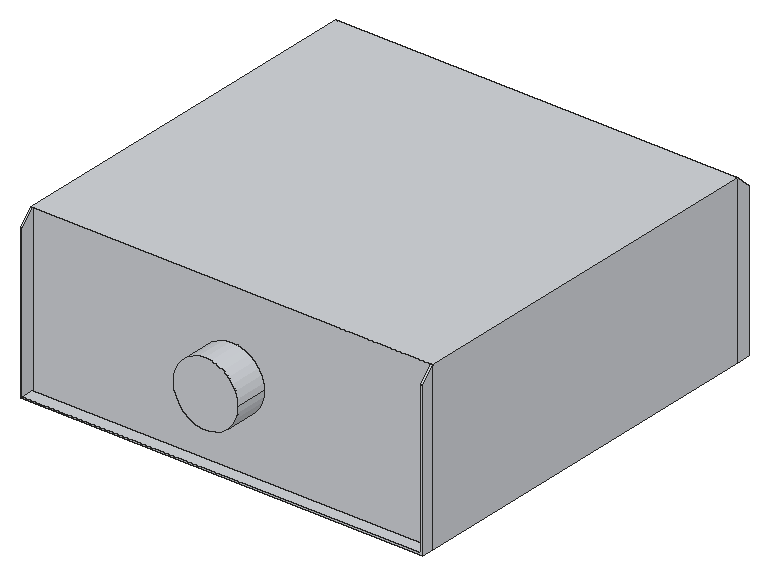
Revit family "CADS_Vent-Axia_MechEquip_Fan_ATQ - EXTRACT", category Mechanical Equipment, host Face, Revit 2020
Family settings
  Host = Face
  Round Connector Dimension = Use Diameter
  Classification = None
  Part Type = Normal
  OmniClass Number = 23.75.35.17.11
  OmniClass Title = Fans for Air Ductwork
  Cut with Voids When Loaded = No
  Shared = No
  Room Calculation Point = No
Parameters (values of type "ATQ10012D")
  WorkingPressure = 0.0 Pa
  WarrantyStartDate [instance] = "1900-12-31T23:59:59"
  WarrantyPeriod = ""
  WarrantyIdentifier = "N/A"
  WarrantyGuarantorParts = ""
  WarrantyGuarantorLabor = ""
  WarrantyGuarantor = ""
  WarrantyEndDate [instance] = "1900-12-31T23:59:59"
  WarrantyContent = ""
  W = 0 mm
  Type Image = <None>
  TemperatureRange = ""
  TagNumber [instance] = "N/A"
  SustainabilityPerformance = ""
  Status = "New"
  SpigotCLHeight = NominalHeight / 2  # 128 mm
  Size = "935mm x892mm x426mm"
  Shape = ""
  ServiceLifeType = ""
  ServiceLifeDuration = ""
  SerialNumber [instance] = "N/A"
  ReplacementCost = ""
  RatedVoltage = 0 V
  RatedCurrent = 0 A
  Quantity = 1
  ProductionYear = ""
  PressureCurve = ""
  PowerFactor = ""
  PointOfContact = ""
  OutOffset = 0 mm  # constant formula
  NumberOfPoles = 0
  NominalWidth = 622 mm
  NominalLength = 610 mm
  NominalHeight = 256 mm
  NominalFrequencyRange = ""
  NominalDiameter = 100 mm
  ModelReference = "TWIN ACOUSTIC BOX FAN, 315 DIA SPIGOTS"
  ModelNumber = "ATQ31512LD"
  Material = ""
  ManufacturerE-Mail = "tech@vent-axia.com"
  ManufacturerAddress = "Fleming Way\nCrawley \nRH10 9YX"
  L = NominalLength - 20 mm  # 590 mm
  IsExtendedWarranty = no
  InsulationStandardClass = ""
  InstallationDate [instance] = "1900-12-31T23:59:59"
  IfcExportType [instance] = ""
  IfcExportAs [instance] = "IfcFanType"
  IP_Code = ""
  HasProtectiveEarth = no
  H = 0 mm
  GrossWeight = 0.00 kg
  Grade = ""
  GlobalTradeItemNumber [instance] = "N/A"
  Fitting Type = "Ignore"
  Finish = ""
  Features = ""
  ExteriorInsulation = no
  ExpectedServiceLife = 0
  Exclusions = ""
  EBVoffset = 80.486 mm
  EBHoffset = 205.5 mm
  DurationUnit = "Year"
  Default Elevation = 1219.2 mm
  Constituents = ""
  ConductorFunction = ""
  Color = ""
  CodePerformance = ""
  Category = ""
  CADS_Usage = 0
  CADS_Index = 0
  AssetType = "FIXED"
  AssetIdentifier [instance] = "N/A"
  AssemblyPlace = "UNKNOWN"
  ArticleNumber [instance] = "N/A"
  AirflowRateRange = 0.0 L/s
  Air Flow [instance] = 0.0 L/s
  AccessibilityPerformance = ""
Types (9, lengths in mm): name | Type Image | SpigotCLHeight | Size | NominalWidth | NominalLength | NominalHeight | NominalDiameter | ModelReference | ModelNumber | L | EBVoffset | EBHoffset
  ATQ10012D | <None> | 128 | "935mm x892mm x426mm" | 622 | 610 | 256 | 100 | "TWIN ACOUSTIC BOX FAN, 315 DIA SPIGOTS" | "ATQ31512LD" | 590 | 80.486 | 205.5
  ATQ12512D | <None> | 128 | "610mm x622mm x256mm" | 622 | 610 | 256 | 125 | "TWIN ACOUSTIC BOX FAN, 125 DIA SPIGOTS" | "ATQ12512D" | 590 | 80.486 | 205.5
  ATQ15012D | <None> | 128 | "610mm x622mm x256mm" | 622 | 610 | 256 | 150 | "TWIN ACOUSTIC BOX FAN, 150 DIA SPIGOTS" | "ATQ15012D" | 590 | 80.486 | 205.5
  ATQ16012D | <None> | 128 | "610mm x622mm x256mm" | 622 | 610 | 256 | 160 | "TWIN ACOUSTIC BOX FAN, 160 DIA SPIGOTS" | "ATQ16012D" | 590 | 80.486 | 205.5
  ATQ20012D | <None> | 171.5 | "801mm x734mm x343mm" | 734 | 801 | 343 | 200 | "TWIN ACOUSTIC BOX FAN, 200 DIA SPIGOTS" | "ATQ20012D" | 781 | 131.243 | 251
  ATQ25012D | <None> | 177 | "925mm x829mm x354mm" | 829 | 925 | 354 | 250 | "TWIN ACOUSTIC BOX FAN, 250 DIA SPIGOTS" | "ATQ25012D" | 905 | 143.443 | 313
  ATQ31512LD | <None> | 213 | "935mm x892mm x426mm" | 892 | 935 | 426 | 315 | "TWIN ACOUSTIC BOX FAN, 315 DIA SPIGOTS" | "ATQ31512LD" | 915 | 207.1 | 360.95
  ATQ31514HD | <None> | 268 | "1255mm x1176mm x536mm" | 1176 | 1255 | 536 | 315 | "TWIN ACOUSTIC BOX FAN, 315 DIA SPIGOTS" | "ATQ31514HD" | 1235 | 285.4 | 374.8
  ATQ40014D | CADS_Vent-Axia_MechEquip_Fan_ATQ.jpg | 268 | "1255mm x1176mm x536mm" | 1176 | 1255 | 536 | 400 | "TWIN ACOUSTIC BOX FAN, 400 DIA SPIGOTS" | "ATQ40014D" | 1235 | 285.4 | 377
Reference planes
  plane 1 "Center (Front/Back)": y = 0
  plane 2: z = 0
  plane 3 "Center (Left/Right)": x = 0
  plane 4 "Left Face": x = -311
  plane 5 "out face": y = -295
  plane 6 "right face": x = 311
  plane 7 "in face": y = 295
  plane 8: x = 0
  plane 9: z = 128
  plane 10 "top face": z = 256
  plane 11: y = -315
  plane 12: y = 315
  plane 13: x = 331
Forms (mm)
  Extrusion 1, solid
    sketch origin (0, 0, 0) x (1, 0, 0) y (0, 1, 0)
      loop
        line (-311, 295) -> (-311, -295) -> (311, -295) -> (311, 295) -> (-311, 295)
    from 0 to 256 <- "NominalHeight"
  Extrusion 2, solid
    sketch origin (0, -295, 0) x (1, 0, 0) y (0, 0, 1)
      loop
        circle (0, 128) r 50
    from 0 to 50
  Extrusion 3, solid
    sketch origin (0, 295, 0) x (1, 0, 0) y (0, 0, -1)
      loop
        circle (0, -128) r 50
    from 0 to 51.496
  Sweep 4, solid
    path origin (0, -295, 0) x (1, 0, 0) y (0, 0, 1)
      loop
        line (-311, 256) -> (-311, 0) -> (311, 0) -> (311, 256)
    profile origin (-311, -295, 128) x (0, -1, 0) y (1, 0, 0)
      loop
        line (0, 0) -> (20, 0) -> (20, 3) -> (0, 3) -> (0, 0)
  Sweep 5, solid
    path origin (0, 295, 0) x (1, 0, 0) y (0, 0, 1)
      loop
        line (311, 256) -> (311, 0) -> (-311, 0) -> (-311, 256)
    profile origin (311, 295, 128) x (0, 1, 0) y (-1, 0, 0)
      loop
        line (20, 3) -> (0, 3) -> (0, 0) -> (20, 0) -> (20, 3)
  Sweep 6, void
    path origin (0, 0, 256) x (1, 0, 0) y (0, 1, 0)
      loop
        line (-311, -315) -> (331, -315) -> (331, 315) -> (-311, 315)
    profile origin (10, -315, 256) x (0, 1, 0) y (0, 0, 1)
      loop
        line (20, 0) -> (0, 0) -> (0, -20) -> (20, 0)
Cuts and joins
  Sweep 6 cuts Sweep 4
  Sweep 6 cuts Sweep 5
  joined: Sweep 4, Sweep 5
  Sweep 6 cuts Extrusion 1
Lines and regions (mm)
  model lines
    curve 1: line (0, 120, 256) -> (0, 0, 256)
    curve 2: line (0, 0, 256) -> (-7.765, 28.978, 256)
    curve 3: line (0, 0, 256) -> (7.765, 28.978, 256)
  model lines, not visible
    curve 4: line (-277, 442.5, 256) -> (-277, 322.5, 256)
    curve 5: line (-277, 322.5, 256) -> (-284.765, 351.478, 256)
    curve 6: line (-277, 322.5, 256) -> (-269.235, 351.478, 256)
Dimensions and locks
  "NominalWidth": plane 4 "Left Face" to plane 6 "right face"
  equal spacing: plane 4 "Left Face", plane 3 "Center (Left/Right)", plane 6 "right face"
  "L": plane 5 "out face" to plane 7 "in face"
  equal spacing: plane 5 "out face", plane 1 "Center (Front/Back)", plane 7 "in face"
  "OutOffset": plane 8 to plane 3 "Center (Left/Right)"
  "SpigotCLHeight": plane 9 to plane 2
  plane 8 to Extrusion 2 sketch curve = 0 mm
  Extrusion 3 sketch curve to plane 9 = 0 mm
  Extrusion 2 sketch curve to plane 9 = 0 mm
  "EBHoffset": nested 1 to plane 1 "Center (Front/Back)"
  "EBVoffset": nested 1 to level
  Extrusion 3 sketch curve to plane 8 = 0 mm
  "NominalHeight": level to plane 10 "top face"
  plane 5 "out face" to plane 11 = 20 mm
  plane 7 "in face" to plane 12 = 20 mm
  plane 6 "right face" to plane 13 = 20 mm
  "NominalDiameter": diameter of Extrusion 2 sketch curve
  "NominalDiameter": diameter of Extrusion 3 sketch curve
  aligned and locked: plane 2 to host face
  aligned and locked: level to host face
  aligned and locked: Sweep 4 sketch curve to plane 6 "right face"
  aligned and locked: Sweep 4 sketch curve to plane 4 "Left Face"
  aligned and locked: Sweep 6 sketch curve to plane 12
  aligned and locked: plane 13 to Sweep 6 sketch curve
  aligned and locked: profile plane to Sweep 4 sketch curve
  aligned and locked: plane 11 to Sweep 4 sketch curve
  aligned and locked: plane 1 "Center (Front/Back)" to curve 3
  aligned and locked: curve 1 to plane 3 "Center (Left/Right)"
Automatic sketch dimensions
  host sketch curve to host sketch curve = 2438.4 mm  (x2)
  Extrusion 1 sketch curve to plane 4 "Left Face" = 0 mm
  Extrusion 1 sketch curve to plane 5 "out face" = 0 mm
  Extrusion 1 sketch curve to plane 6 "right face" = 0 mm
  plane 7 "in face" to Extrusion 1 sketch curve = 0 mm
  profile plane to Sweep 4 sketch curve = 0 mm
  Sweep 4 sketch curve to profile plane = 3 mm
  Sweep 5 sketch curve to profile plane = 3 mm
  plane 7 "in face" to Sweep 5 sketch curve = 20 mm
  profile plane to Sweep 5 sketch curve = 0 mm
  Sweep 5 sketch curve to Sweep 5 sketch curve = 20 mm
  Sweep 6 sketch curve to plane 4 "Left Face" = 0 mm  (x2)
  Sweep 6 sketch curve to plane 11 = 0 mm
  Sweep 6 sketch curve to plane 10 "top face" = 0 mm
  Sweep 6 sketch curve to profile plane = 0 mm
  Sweep 6 sketch curve to Sweep 6 sketch curve = 20 mm  (x2)
  Sweep 4 sketch curve to level = 0 mm
  Sweep 4 sketch curve to plane 10 "top face" = 0 mm  (x2)
  Sweep 5 sketch curve to level = 0 mm
  Sweep 5 sketch curve to plane 4 "Left Face" = 0 mm
  plane 6 "right face" to Sweep 5 sketch curve = 0 mm
  Sweep 5 sketch curve to plane 10 "top face" = 0 mm  (x2)
Nested families
  nested 1: "Electrical Connection Box" at (-311, 205.5, 80.486) x (0, -1, 0) z (-1, 0, 0), type "Electrical Connection Box"
Connectors
  hvac at (0, -345, 128), driven by "NominalDiameter", driven by "Air Flow"
    settings: on Extrusion 2, index 1, duct flow 0.0 L/s, flow factor 0, pres drop 0.0 Pa, loss coef 0, conn angle 0.00°, conn width 304.8 mm, conn height 304.8 mm, conn diameter 100 mm, duct sys type 3, conn prof type 0, flow config 1, flow direction 2, loss method 0, conn ref index -1, conn util no, is conn primary yes, conn desc ""
  hvac at (0, 346.496, 128), driven by "NominalDiameter", driven by "Air Flow"
    settings: on Extrusion 3, index 2, duct flow 0.0 L/s, flow factor 0, pres drop 0.0 Pa, loss coef 0, conn angle 0.00°, conn width 304.8 mm, conn height 304.8 mm, conn diameter 100 mm, duct sys type 2, conn prof type 0, flow config 0, flow direction 1, loss method 0, conn ref index -1, conn util no, is conn primary no, conn desc ""
Definition of nested family "Electrical Connection Box"
  Parameters (values of type "Electrical Connection Box")
    Default Elevation = 1219.2 mm
  Reference planes
    plane 1 "Center (Front/Back)": y = 0
    plane 2: z = 0
    plane 3 "Center (Left/Right)": x = 0
    plane 4: y = 42
    plane 5: x = 62.5
  Forms (mm)
    Extrusion 1, solid
      sketch origin (0, 0, 0) x (1, 0, 0) y (0, 1, 0)
        loop
          line (-1219.2, 1219.2) -> (-1219.2, -1219.2) -> (1219.2, -1219.2) -> (1219.2, 1219.2) -> (-1219.2, 1219.2)
      from 0 to -304.8
    Extrusion 2, solid
      sketch origin (-62.5, -42, 0) x (1, 0, 0) y (0, 1, 0)
        loop
          arc (12, 84) -> (3.515, 80.485) -> (0, 72) r 12
          line (0, 72) -> (0, 12)
          arc (0, 12) -> (3.515, 3.515) -> (12, 0) r 12
          line (12, 0) -> (113, 0)
          arc (113, 0) -> (121.485, 3.515) -> (125, 12) r 12
          line (125, 12) -> (125, 72)
          arc (125, 72) -> (121.485, 80.485) -> (113, 84) r 12
          line (113, 84) -> (12, 84)
      from 0 to 45
    Extrusion 3, solid
      sketch origin (62.5, 55.228, -0.59) x (0, -1, 0) y (0, 0, -1)
        loop
          circle (38.228, -23.09) r 11
      from 0 to 3
    Extrusion 4, solid
      sketch origin (181.936, -42, 22.909) x (-1, 0, 0) y (0, 0, -1)
        loop
          circle (154.436, 0.409) r 11
      from 0 to 3
    Extrusion 5, solid
      sketch origin (121.936, -42, 22.909) x (-1, 0, 0) y (0, 0, -1)
        loop
          circle (154.436, 0.409) r 11
      from 0 to 3
  Dimensions and locks
    aligned and locked: plane 2 to Extrusion 1
    aligned and locked: level to Extrusion 1
